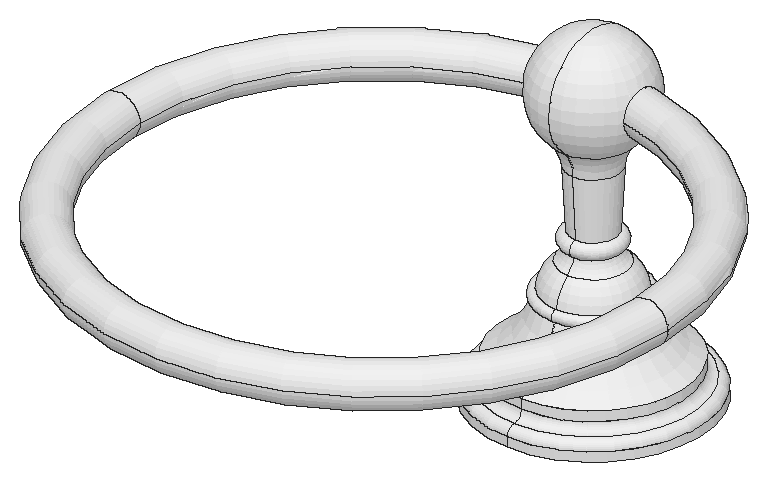
Revit family "Towel_Ring-DXV-Randall-D35102190_Series", category Specialty Equipment, host Face, Revit 2014
Parameters (values of type "D35102190.100")
  Width = 2 1/4"
  Warranty Documentation Link = "https://www.dxv.com/-/media/files/dxv/warranty/dxv_warranty_booklet.ashx"
  URL = "http://www.dxv.com/"
  Type Comments = ""
  Product Page URL = "http://www.dxv.com/product/randall-towel-ring-by-dxv"
  Product Documentation Link = "http://dxv01.blob.core.windows.net/dxv-product-pdf-files/DXV_D35102190_Randall_towel_ring_spec_en.pdf"
  Price = "Prices may vary. Please consult Manufacturer Representative for most up-to-date price list."  # constant formula
  Model = "D35102190.100"
  Material = "Metal-DXV-100-Polished Chrome"
  Finish = Metal-DXV-100-Polished Chrome
  Manufacturer = "DVX"
  Length = 2 7/8"
  Installation Type = "Wall Mounted"
  Height = 6 7/8"
  Description = "Randall 6\" Towel Bar"
  Default Elevation = 40"
  Creation Date = "10/02/2014"  # constant formula
  Assembly Code = "C1030220"
Types (5): name | Model | Material | Finish
  (no name) | "D35102190.100" | "Metal-DXV-100-Polished Chrome" | Metal-DXV-100-Polished Chrome
  D35102190.144 | "D35102190.144" | "Metal-DXV-144-Brushed Nickel" | Metal-DXV-144-Brushed Nickel
  D35102190.100 | "D35102190.100" | "Metal-DXV-100-Polished Chrome" | Metal-DXV-100-Polished Chrome
  D35102190.150 | "D35102190.150" | "Metal-DXV-150-Platinum Nickel" | Metal-DXV-150-Platinum Nickel
  D35102190.427 | "D35102190.427" | "Metal-DXV-427-Satin Brass" | Metal-DXV-427-Satin Brass
Reference planes (in)
  plane 1 "Center (Front/Back)": y = 0
  plane 2: z = 0
  plane 3 "Center (Left/Right)": x = 0
  plane 4 "Finished Floor": y = -6.875
  plane 5: z = 2.875
  plane 6: x = -3
  plane 7: x = 3
  plane 8: y = -5.74796
  plane 9: y = -1.125
  plane 10: y = 1.125
  plane 11: z = 3.09375
  plane 12: z = 2.65625
Forms (in)
  Revolve 1, solid, material "Metal-DXV-100-Polished Chrome" <- "Finish"
    sketch origin (0, 0, 0) x (0, 0, -1) y (0, 1, 0)
      loop
        line (0, 1.125) -> (-0.0954, 1.125)
        arc (-0.0954, 1.125) -> (-0.15942, 1.09848) -> (-0.18594, 1.03446) r 0.09054
        arc (-0.18594, 1.03446) -> (-0.21308, 0.96893) -> (-0.27861, 0.94179) r 0.09268
        line (-0.27861, 0.94179) -> (-0.37918, 0.94179)
        arc (-0.37918, 0.94179) -> (-0.60264, 0.6728) -> (-0.91221, 0.51015) r 0.8937
        arc (-0.91221, 0.51015) -> (-0.97892, 0.54454) -> (-1.01628, 0.47945) r 0.05431
        arc (-1.01628, 0.47945) -> (-1.15949, 0.42996) -> (-1.27395, 0.33068) r 0.39935
        arc (-1.27395, 0.33068) -> (-1.33601, 0.27686) -> (-1.41365, 0.25003) r 0.21651
        arc (-1.41365, 0.25003) -> (-1.4976, 0.30641) -> (-1.56241, 0.22878) r 0.07554
        line (-1.56241, 0.22878) -> (-2.17463, 0.26087)
        arc (-2.17463, 0.26087) -> (-2.32413, 0.29878) -> (-2.4478, 0.39092) r 0.396
        arc (-2.4478, 0.39092) -> (-3.08613, 0.54243) -> (-3.45515, 0) r 0.57822
        line (-3.45515, 0) -> (0, 0) -> (0, 1.125)
      axis (-3.45515, 0) -> (0, 0)
    angle from 0 to 360
  Sweep 2, solid, material "Metal-DXV-100-Polished Chrome" <- "Finish"
    path origin (0, 0, 0) x (1, 0, 0) y (0, 1, 0)
      loop
        circle (0, -2.76437) r 3
    profile origin (0, 0.23563, 0) x (0, -1, 0) y (0, 0, 1)
      loop
        circle (0.21875, 2.875) r 0.21875
Cuts and joins
  joined: Revolve 1, Sweep 2
Lines and regions (in)
  Masking region 1
    outline origin (0, 0, 0) x (1, 0, 0) y (0, 0, 1)
      loop
        arc (-0.38659, 2.4494) -> (-0.4706, 2.5448) -> (-0.53174, 2.65625) r 0.57822
        line (-0.53174, 2.65625) -> (-2.78216, 2.65625)
        arc (-2.78216, 2.65625) -> (-3.00091, 2.875) -> (-2.78216, 3.09375) r 0.21875
        line (-2.78216, 3.09375) -> (-0.53333, 3.09375)
        arc (-0.53333, 3.09375) -> (0.00271, 3.45516) -> (0.53874, 3.09375) r 0.57822
        line (0.53874, 3.09375) -> (2.78216, 3.09375)
        arc (2.78216, 3.09375) -> (3.00091, 2.875) -> (2.78216, 2.65625) r 0.21875
        line (2.78216, 2.65625) -> (0.53716, 2.65625)
        arc (0.53716, 2.65625) -> (0.47534, 2.54383) -> (0.39025, 2.4478) r 0.57822
        arc (0.39025, 2.4478) -> (0.2981, 2.32413) -> (0.2602, 2.17463) r 0.396
        line (0.2602, 2.17463) -> (0.22811, 1.56239)
        arc (0.22811, 1.56239) -> (0.30621, 1.49766) -> (0.24936, 1.41365) r 0.07548
        arc (0.24936, 1.41365) -> (0.27848, 1.33238) -> (0.33656, 1.26852) r 0.22051
        arc (0.33656, 1.26852) -> (0.43508, 1.15829) -> (0.48128, 1.01786) r 0.36182
        arc (0.48128, 1.01786) -> (0.54592, 0.97875) -> (0.51015, 0.91221) r 0.05483
        arc (0.51015, 0.91221) -> (0.67225, 0.6022) -> (0.94178, 0.37918) r 0.88541
        line (0.94178, 0.37918) -> (0.94178, 0.27659)
        arc (0.94178, 0.27659) -> (0.96833, 0.21248) -> (1.03439, 0.18593) r 0.09067
        arc (1.03439, 0.18593) -> (1.09874, 0.15927) -> (1.12539, 0.09493) r 0.091
        line (1.12539, 0.09493) -> (1.12539, 0) -> (0, 0) -> (-1.12539, 0) -> (-1.12539, 0.09493)
        arc (-1.12539, 0.09493) -> (-1.09874, 0.15927) -> (-1.03439, 0.18593) r 0.091
        arc (-1.03439, 0.18593) -> (-0.96833, 0.21248) -> (-0.94178, 0.27659) r 0.09067
        line (-0.94178, 0.27659) -> (-0.94178, 0.37918)
        arc (-0.94178, 0.37918) -> (-0.67225, 0.6022) -> (-0.51015, 0.91221) r 0.88541
        arc (-0.51015, 0.91221) -> (-0.54592, 0.97875) -> (-0.48128, 1.01786) r 0.05483
        arc (-0.48128, 1.01786) -> (-0.43508, 1.15829) -> (-0.33656, 1.26852) r 0.36182
        arc (-0.33656, 1.26852) -> (-0.27848, 1.33238) -> (-0.24936, 1.41365) r 0.22051
        arc (-0.24936, 1.41365) -> (-0.30621, 1.49766) -> (-0.22811, 1.56239) r 0.07548
        line (-0.22811, 1.56239) -> (-0.2602, 2.17463)
        arc (-0.2602, 2.17463) -> (-0.29776, 2.32339) -> (-0.38904, 2.44671) r 0.396
  symbolic lines, style "SpecialityEquipment", detail levels medium+fine
    curve 1: line (0.23034, 0, 1.56246) -> (-0.23034, 0, 1.56246)
    curve 5: line (-0.94178, 0, 0.37918) -> (0.94178, 0, 0.37918)
    curve 6: line (1.03439, 0, 0.18593) -> (-1.03244, 0, 0.18593)
  symbolic lines, style "SpecialityEquipment", detail levels fine
    curve 2: line (-0.24936, 0, 1.41365) -> (0.24936, 0, 1.41365)
    curve 3: line (-0.51015, 0, 0.91221) -> (0.51015, 0, 0.91221)
    curve 4: line (0.48128, 0, 1.01786) -> (-0.48128, 0, 1.01786)
  symbolic lines, detail levels medium+fine
    curve 7: arc (0.53874, 0, 3.09375) -> (0.58245, 0, 2.87484) -> (0.53716, 0, 2.65625) r 0.55995
    curve 8: arc (-0.53874, 0, 3.09375) -> (-0.58245, 0, 2.87484) -> (-0.53716, 0, 2.65625) r 0.55995
Dimensions and locks (in)
  locked: plane 6 to plane 7 at 6
  "Length": plane 5 to plane 2
  "Width": plane 10 to plane 9
  aligned and locked: plane 2 to host face
  aligned and locked: level to host face
Automatic sketch dimensions
  host sketch curve to host sketch curve = 96"  (x2)
  Sweep 2 sketch curve to plane 3 "Center (Left/Right)" = 0"
  Sweep 2 sketch curve to profile plane = 7/32"
  profile plane to Sweep 2 sketch curve = 2 7/8"
  plane 1 "Center (Front/Back)" to Sweep 2 sketch curve = 2.76437"
  Revolve 1 sketch curve to plane 1 "Center (Front/Back)" = 0"  (x2)
  Revolve 1 sketch curve to plane 10 = 0"
  Revolve 1 sketch curve to level = 0"
  level to Revolve 1 sketch curve = 0.0954"
  plane 10 to Revolve 1 sketch curve = 0.09054"
  Revolve 1 sketch curve to Revolve 1 sketch curve = 0.09268"  (x2)
  Revolve 1 sketch curve to Revolve 1 sketch curve = 0.10057"
  Revolve 1 sketch curve to plane 1 "Center (Front/Back)" = 0.08411"
  level to Revolve 1 sketch curve = 0.95981"
  Revolve 1 sketch curve to Revolve 1 sketch curve = 0.00374"
  Revolve 1 sketch curve to plane 10 = 0.24233"
  Revolve 1 sketch curve to Revolve 1 sketch curve = 0.78588"
  Revolve 1 sketch curve to Revolve 1 sketch curve = 0.48071"
  Revolve 1 sketch curve to Revolve 1 sketch curve = 0.04265"
  Revolve 1 sketch curve to plane 1 "Center (Front/Back)" = 0.22878"
  Revolve 1 sketch curve to Revolve 1 sketch curve = 0.07549"
  Revolve 1 sketch curve to plane 5 = 0.72109"
  Revolve 1 sketch curve to plane 1 "Center (Front/Back)" = 0.26087"
  Revolve 1 sketch curve to Revolve 1 sketch curve = 0.02073"
  plane 5 to Revolve 1 sketch curve = 0.00194"
  Revolve 1 sketch curve to Revolve 1 sketch curve = 0.57821"
  Revolve 1 sketch curve to plane 1 "Center (Front/Back)" = 0.00338"
  Revolve 1 sketch curve to Revolve 1 sketch curve = 0.00284"
  Revolve 1 sketch curve to Revolve 1 sketch curve = 0.23275"
  Revolve 1 sketch curve to Revolve 1 sketch curve = 0.40833"
  Revolve 1 sketch curve to Revolve 1 sketch curve = 0.39546"
  Revolve 1 sketch curve to Revolve 1 sketch curve = 0.05134"
  Revolve 1 sketch curve to Revolve 1 sketch curve = 0.05273"
  Revolve 1 sketch curve to Revolve 1 sketch curve = 0"
  Revolve 1 sketch curve to Revolve 1 sketch curve = 0.08794"
  Revolve 1 sketch curve to Revolve 1 sketch curve = 0.18131"
  Masking region 1 sketch curve to Masking region 1 sketch curve = 0"  (x7)
  Masking region 1 sketch curve to plane 11 = 0"  (x2)
  Masking region 1 sketch curve to plane 5 = 0"
  Masking region 1 sketch curve to level = 0"
  Masking region 1 sketch curve to plane 3 "Center (Left/Right)" = 0"
  Masking region 1 sketch curve to plane 12 = 0"
  Masking region 1 sketch curve to plane 3 "Center (Left/Right)" = 0.12173"
  Masking region 1 sketch curve to plane 3 "Center (Left/Right)" = 0.22811"
  Masking region 1 sketch curve to Masking region 1 sketch curve = 0.00338"  (x2)
  Masking region 1 sketch curve to plane 3 "Center (Left/Right)" = 0.2602"
  Masking region 1 sketch curve to Masking region 1 sketch curve = 0.236"  (x2)
  Masking region 1 sketch curve to Masking region 1 sketch curve = 0.37129"  (x2)
  Masking region 1 sketch curve to Masking region 1 sketch curve = 0.39546"  (x2)
  Masking region 1 sketch curve to Masking region 1 sketch curve = 0.44875"  (x2)
  Masking region 1 sketch curve to Masking region 1 sketch curve = 0.09067"  (x4)
  Masking region 1 sketch curve to Masking region 1 sketch curve = 0.00195"  (x2)
  Masking region 1 sketch curve to Masking region 1 sketch curve = 0.091"  (x2)
  Masking region 1 sketch curve to Masking region 1 sketch curve = 0.41858"  (x2)
  plane 6 to Masking region 1 sketch curve = 0.21784"
  plane 3 "Center (Left/Right)" to Masking region 1 sketch curve = 0.00271"
  plane 3 "Center (Left/Right)" to Masking region 1 sketch curve = 0.12173"
  plane 3 "Center (Left/Right)" to Masking region 1 sketch curve = 0.22811"
  plane 3 "Center (Left/Right)" to Masking region 1 sketch curve = 0.2602"
  Masking region 1 sketch curve to Masking region 1 sketch curve = 0.00158"  (x2)
  plane 7 to Masking region 1 sketch curve = 0.21784"
  level to Masking region 1 sketch curve = 0.09493"
  Masking region 1 sketch curve to Masking region 1 sketch curve = 0.09493"
  Masking region 1 sketch curve to Masking region 1 sketch curve = 0.10259"  (x2)
  Masking region 1 sketch curve to Masking region 1 sketch curve = 0.58512"  (x2)
  Masking region 1 sketch curve to Masking region 1 sketch curve = 0.01308"
  Masking region 1 sketch curve to Masking region 1 sketch curve = 0.78022"  (x2)
  Masking region 1 sketch curve to Masking region 1 sketch curve = 0.48165"  (x2)
  Masking region 1 sketch curve to Masking region 1 sketch curve = 0.04103"  (x2)
  Masking region 1 sketch curve to Masking region 1 sketch curve = 0.0754"  (x2)
  Masking region 1 sketch curve to plane 12 = 0.50234"  (x2)
  Masking region 1 sketch curve to Masking region 1 sketch curve = 0.02073"  (x2)
  plane 5 to Masking region 1 sketch curve = 0.00194"
  Masking region 1 sketch curve to Masking region 1 sketch curve = 0.01787"  (x2)
  Masking region 1 sketch curve to Masking region 1 sketch curve = 0.00245"
  Masking region 1 sketch curve to Masking region 1 sketch curve = 0.01175"  (x2)
  Masking region 1 sketch curve to Masking region 1 sketch curve = 0.14515"
  Masking region 1 sketch curve to plane 3 "Center (Left/Right)" = 0.53333"
  curve 8 to plane 11 = 0"
  curve 8 to plane 12 = 0"
  curve 7 to plane 12 = 0"
  curve 7 to plane 11 = 0"
  plane 5 to curve 8 = 0.00186"
  curve 8 to plane 3 "Center (Left/Right)" = 0.0225"
  plane 5 to curve 7 = 0.00186"
  plane 3 "Center (Left/Right)" to curve 7 = 0.0225"
  curve 1 to plane 3 "Center (Left/Right)" = 0.23034"
  curve 2 to curve 1 = 0.01902"
  curve 4 to curve 2 = 0.23192"
  curve 3 to curve 4 = 0.02887"
  curve 8 to plane 3 "Center (Left/Right)" = 0.53716"
  curve 5 to curve 3 = 0.43163"
  curve 6 to curve 5 = 0.09067"
  plane 3 "Center (Left/Right)" to curve 1 = 0.23034"
  curve 1 to curve 2 = 0.01902"
  curve 2 to curve 4 = 0.23192"
  curve 4 to curve 3 = 0.02887"
  plane 3 "Center (Left/Right)" to curve 7 = 0.53716"
  curve 3 to curve 5 = 0.43163"
  curve 5 to curve 6 = 0.09262"
  curve 1 to plane 12 = 1.09379"
  curve 2 to curve 1 = 0.14881"
  curve 4 to curve 2 = 0.39579"
  curve 3 to curve 4 = 0.10565"
  level to curve 5 = 0.37918"
  level to curve 6 = 0.18593"
  radius of Sweep 2 sketch curve = 3"
  radius of Sweep 2 sketch curve = 7/32"
